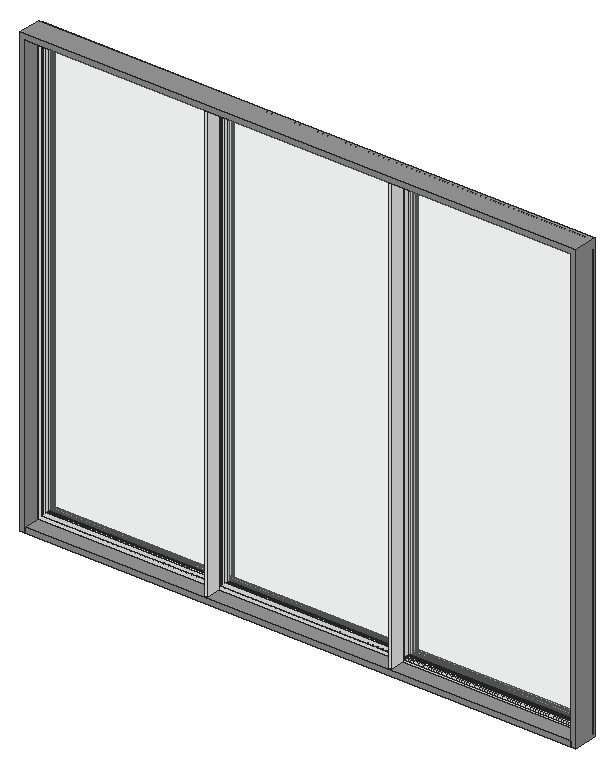
Revit family "WBW_F_3vak Hor_1vak Ver", category Windows, host Wall, Revit 2013
Parameters
  Versterking Buitenzijde = no
  Versterking Binnenzijde = yes
  VerborgenVleugelVerzwaard = no
  URL = "http://www.kawneer.com/bcs/architectuursystemen/en/about/locations.asp"
  Type Comments = "Vrij te parameteriseren Revit Model"  # constant formula
  Spouwdiepte = 130 mm
  Speling Pui_buitenblad MW Onderzijde = 10 mm
  Speling Pui_ buitenblad MW = 10 mm
  ScheduleType |RF| = "WBC_W_F"
  RT 72 = no
  RT 62 = yes
  RT 52 = no
  Operation = "IfcWindow"
  OffsetVkKozijnVkStelkozijn = 13 mm
  Nen 5096 R.c. 2 = no
  NL-SfB-Code = "31.21.22"  # constant formula
  Model = "NLSfb naam  + AlcoaArchitectuurSystemen kozijn merk"
  Manufacturer Tel. = "+31341-464631 / harold.kok@arconic.com"  # constant formula
  Manufacturer = ""
  Kleur H&S = NVT
  Kleur Buitenzijde Vleugel = Kawneer RAL 9010
  Kleur Buitenzijde = Kawneer RAL 9010
  Kleur Binnenzijde Vleugel = Kawneer RAL 9010
  Kleur Binnenzijde = Kawneer RAL 9010
  Keynote = "30.34"
  Hoogte Tussen regel 5 = 0 mm
  Hoogte Tussen regel 4 = 0 mm
  Hoogte Tussen regel 3 = 0 mm
  Hoogte Tussen regel 2 = 0 mm
  Hoogte Tussen regel 1 = 0 mm
  Height = 2406 mm
  HalveSpouw_OffsetVkKozijn_Stelkozijn = HalveSpouw + OffsetVkKozijnVkStelkozijn  # 78 mm
  HalveSpouw = Spouwdiepte / 2  # 65 mm
  GlassType = Glass, Clear Glazing, Low E
  Glasdikte (totaal) = 29 mm  # constant formula
  DikteStelkozijn_SpelingPui_BuitenbladMW = Dikte Stelkozijn - Speling Pui_ buitenblad MW  # 17 mm
  DikteStelkozijnOnderzijde_SpelingPui_BuitenbladMWOnderzijde = Dikte Stelkozijn onderzijde - Speling Pui_buitenblad MW Onderzijde  # 17 mm
  Dikte Stelkozijn onderzijde = 27 mm
  Dikte Stelkozijn = 27 mm
  Diepte Versterking Buitenzijde_30_50_85 = 30 mm
  Diepte Versterking Binnenzijde_30_55_75 = 75 mm
  Description 2 = if(RT 52, "' Standaard systeemomschrijving RT 52 standaard vlak", if(RT 62, "Standaard systeemomschrijving RT 62 standaard vlak", "Standaard systeemomschrijving RT 72 standaard vlak"))  # "Standaard systeemomschrijving RT 62 standaard vlak"
  Description = if(RT 52, "Kawneer RT 52 raamelement volgens productomschrijving:", if(RT 62, "Kawneer RT 62 raamelement volgens productomschrijving:", "Kawneer RT 72 raamelement volgens productomschrijving:"))  # "Kawneer RT 62 raamelement volgens productomschrijving:"
  Default Sill Height = 450 mm
  Wall Closure = By host
  Width = 3000 mm
  Cost = 0
  BreedteMaat_5 = 0 mm
  BreedteMaat_4 = 0 mm
  BreedteMaat_3 = 0 mm
  BreedteMaat_2 = Width * (2 / 3)  # 2000 mm
  BreedteMaat_1 = Width * (1 / 3)  # 1000 mm
  Brandwerendheid_old = no
  Brandwerendheid = no
  Brandwerend volgens: = if(and(RT 52, Brandwerendheid), "Niet mogelijk binnen dit systeem_kiest u RT 62 of RT 72", if(and(RT 62, Brandwerendheid), "Nen 6069 criteria Ew30 mits uitgevoerd conform rapport 2010-Efectis-R0226[Rev.4] Brandbeoordeling EW 30", if(and(RT 72, Brandwerendheid), "Nen 6069 criteria Ew30 mits uitgevoerd concorm rapport g2013005803r001DGMR RT72 brandbeoordeling EW30", "-")))  # "-"
  Beslag Resume 05 = if(Nen 5096 R.c. 2, "Inbraakwerend volgens attest Kawneer SKG.0055.0292.07.NL (klasse 2)", "Niet inbraakwerend")  # "Niet inbraakwerend"
  Beslag Resume 04 = "Vaste beglazing"  # constant formula
  Assembly Code = "B2020110"
  Analytic Construction = "<None>"
  Aanzichtbreedte Tussen Stijlen _68_78_88_110_150_200mm = 78
  Aanzichtbreedte Tussen Regels _68_78_88_110_150_200mm = 200
  Aanzichtbreedte Kozijn Profielen_68_78_88_110_150mm = 68
  AanzichtLijnDraai = no
  Aanzicht Tussen Stijl 88mm = (Aanzichtbreedte Tussen Stijlen _68_78_88_110_150_200mm = 88)  # no
  Aanzicht Tussen Stijl 78mm = (Aanzichtbreedte Tussen Stijlen _68_78_88_110_150_200mm = 78)  # yes
  Aanzicht Tussen Stijl 68mm = (Aanzichtbreedte Tussen Stijlen _68_78_88_110_150_200mm = 68)  # no
  Aanzicht Tussen Stijl 200mm = (Aanzichtbreedte Tussen Stijlen _68_78_88_110_150_200mm = 200)  # no
  Aanzicht Tussen Stijl 150mm = (Aanzichtbreedte Tussen Stijlen _68_78_88_110_150_200mm = 150)  # no
  Aanzicht Tussen Stijl 110mm = (Aanzichtbreedte Tussen Stijlen _68_78_88_110_150_200mm = 110)  # no
  Aanzicht Tussen Stijl = ""
  Aanzicht Tussen Regel 88mm = (Aanzichtbreedte Tussen Regels _68_78_88_110_150_200mm = 88)  # no
  Aanzicht Tussen Regel 78mm = (Aanzichtbreedte Tussen Regels _68_78_88_110_150_200mm = 78)  # no
  Aanzicht Tussen Regel 68mm = (Aanzichtbreedte Tussen Regels _68_78_88_110_150_200mm = 68)  # no
  Aanzicht Tussen Regel 200mm = (Aanzichtbreedte Tussen Regels _68_78_88_110_150_200mm = 200)  # yes
  Aanzicht Tussen Regel 150mm = (Aanzichtbreedte Tussen Regels _68_78_88_110_150_200mm = 150)  # no
  Aanzicht Tussen Regel 110mm = (Aanzichtbreedte Tussen Regels _68_78_88_110_150_200mm = 110)  # no
  Aanzicht Tussen Regel = ""
  Aanzicht Kader 88mm = (Aanzichtbreedte Kozijn Profielen_68_78_88_110_150mm = 88)  # no
  Aanzicht Kader 78mm = (Aanzichtbreedte Kozijn Profielen_68_78_88_110_150mm = 78)  # no
  Aanzicht Kader 68mm = (Aanzichtbreedte Kozijn Profielen_68_78_88_110_150mm = 68)  # yes
  Aanzicht Kader 110mm = (Aanzichtbreedte Kozijn Profielen_68_78_88_110_150mm = 110)  # no
  Aanzicht Kader = ""
Reference planes
  plane 1 "Center (Front/Back)": y = 0
  plane 2 "Center (Left/Right)": x = 0
  plane 3 "Left": x = -1500
  plane 4 "Right": x = 1500
  plane 5 "Sill": z = 450
  plane 6 "Head": z = 2856
  plane 7 "Exterior": y = 100
  plane 8 "Interior": y = -100
  plane 9 "Dagkant Buitenblad metselwerk Links": x = -1510
  plane 10 "Dagkant Buitenblad metselwerk Rechts": x = 1510
  plane 11 "Dagkant Stelkozijn_Binnenblad metselwewrk Links": x = -1483
  plane 12 "Dagkant Stelkozijn_Binnenblad metselwewrk Rechts": x = 1483
  plane 13 "VK Pui": y = 78
  plane 14 "AK Buitenblad MW": y = 90
  plane 15 "VK Stelkozijn": y = 65
  plane 16 "AK Pui": y = -40
  plane 17 "VK Binnenblad MW": y = -65
  plane 18: z = 2866
  plane 19: z = 2839
  plane 20: z = 467
  plane 21: z = 440
Forms (mm)
  Sweep 1, void
    path origin (0, 100, 0) x (1, 0, 0) y (0, 0, 1)
      loop
        line (1500, 2856) -> (-1500, 2856) -> (-1500, 450) -> (1500, 450) -> (1500, 2856)
    profile origin (0, 100, 2856) x (0, 0, -1) y (0, -1, 0)
      loop
        line (-10, 0) -> (17, 0) -> (17, 165) -> (-10, 165) -> (-10, 0)
  Extrusion 2, void
    sketch origin (0, 100, 0) x (1, 0, 0) y (0, 0, 1)
      loop
        line (1483, 2839) -> (-1483, 2839) -> (-1483, 467) -> (1483, 467) -> (1483, 2839)
    from 0 to 200
  Sweep 3, solid, material "Wood"
    path origin (0, 0, 0) x (1, 0, 0) y (0, 0, 1)
      loop
        line (1499.822, 440) -> (1499.822, 2856) -> (-1500, 2856) -> (-1500, 440)
    profile origin (-0.089, 0, 2856) x (0, 0, -1) y (0, -1, 0)
      loop
        line (-10, -65) -> (17, -65) -> (17, 65) -> (-10, 65) -> (-10, -65)
  Sweep 4, solid, material "Wood"
    path origin (0, 0, 0) x (1, 0, 0) y (0, 0, 1)
      loop
        line (1482.822, 450) -> (-1483, 450)
    profile origin (-0.089, 0, 450) x (0, 0, -1) y (0, -1, 0)
      loop
        line (-17, -65) -> (10, -65) -> (10, 65) -> (-17, 65) -> (-17, -65)
Text (mm)
  text "EXTERIOR" at (-1963.203, 1332.353, 0), in view "Ref. Level"
  text "INTERIOR" at (-1981.466, -818.386, 0), in view "Ref. Level"
  text "Exterior" at (0, 923.751, 2943.296), in view "Right"
  text "Exterior" at (0, 1040.484, 2685.409), in view "Left"
Dimensions and locks
  equal spacing: plane 3 "Left", plane 2 "Center (Left/Right)", plane 4 "Right"
  "Width": plane 3 "Left" to plane 4 "Right"
  "Height": plane 5 "Sill" to plane 6 "Head"
  "Default Sill Height": plane 5 "Sill" to level
  locked: plane 7 "Exterior" to host wall at 0
  locked: plane 8 "Interior" to host wall
  "Speling Pui_ buitenblad MW": plane 9 "Dagkant Buitenblad metselwerk Links" to plane 3 "Left"
  "Speling Pui_ buitenblad MW": plane 4 "Right" to plane 10 "Dagkant Buitenblad metselwerk Rechts"
  "DikteStelkozijn_SpelingPui_BuitenbladMW": plane 3 "Left" to plane 11 "Dagkant Stelkozijn_Binnenblad metselwewrk Links"
  "DikteStelkozijn_SpelingPui_BuitenbladMW": plane 12 "Dagkant Stelkozijn_Binnenblad metselwewrk Rechts" to plane 4 "Right"
  "Speling Pui_ buitenblad MW": plane 6 "Head" to plane 18
  "Speling Pui_buitenblad MW Onderzijde": plane 5 "Sill" to plane 21
  "DikteStelkozijn_SpelingPui_BuitenbladMW": plane 19 to plane 6 "Head"
  "DikteStelkozijnOnderzijde_SpelingPui_BuitenbladMWOnderzijde": plane 5 "Sill" to plane 20
  "HalveSpouw": plane 15 "VK Stelkozijn" to plane 1 "Center (Front/Back)"
  "HalveSpouw": plane 1 "Center (Front/Back)" to plane 17 "VK Binnenblad MW"
  "HalveSpouw_OffsetVkKozijn_Stelkozijn": plane 13 "VK Pui" to plane 1 "Center (Front/Back)"
  aligned and locked: Sweep 1 sketch curve to plane 6 "Head"
  aligned and locked: Sweep 1 sketch curve to plane 4 "Right"
  aligned and locked: plane 5 "Sill" to Sweep 1 sketch curve
  aligned and locked: plane 3 "Left" to Sweep 1 sketch curve
  aligned and locked: Sweep 1 sketch curve to plane 18
  aligned and locked: plane 19 to Sweep 1 sketch curve
  aligned and locked: plane 17 "VK Binnenblad MW" to Sweep 1 sketch curve
  aligned and locked: Extrusion 2 sketch curve to Sweep 1  (x4)
  aligned and locked: host wall to Extrusion 2
  aligned and locked: Sweep 3 sketch curve to plane 6 "Head"
  aligned and locked: Sweep 3 sketch curve to plane 18
  aligned and locked: Sweep 3 sketch curve to plane 15 "VK Stelkozijn"
  aligned and locked: plane 19 to Sweep 3 sketch curve
  aligned and locked: plane 17 "VK Binnenblad MW" to Sweep 3 sketch curve
  aligned and locked: plane 21 to Sweep 3 sketch curve
  aligned and locked: plane 3 "Left" to Sweep 3 sketch curve
  aligned and locked: Sweep 4 sketch curve to plane 20
  aligned and locked: Sweep 4 sketch curve to plane 15 "VK Stelkozijn"
  aligned and locked: Sweep 4 sketch curve to Sweep 3  (x2)
  aligned and locked: nested 1 to plane 13 "VK Pui"
  aligned and locked: plane 6 "Head" to nested 1
  aligned and locked: plane 4 "Right" to nested 1
Automatic sketch dimensions
  Sweep 1 sketch curve to plane 7 "Exterior" = 0 mm
  Sweep 3 sketch curve to plane 21 = 0 mm
  plane 4 "Right" to Sweep 3 sketch curve = 0.178 mm
  Sweep 4 sketch curve to plane 5 "Sill" = 0 mm
  plane 11 "Dagkant Stelkozijn_Binnenblad metselwewrk Links" to Sweep 4 sketch curve = 0 mm
  plane 12 "Dagkant Stelkozijn_Binnenblad metselwewrk Rechts" to Sweep 4 sketch curve = 0.178 mm
Nested families
  nested 1: "GMW_F_3vak Hor_1vak Ver" at (0, 78, 1653), type "GMW_F_3vak Hor_1vak Ver"
    with HLPM 2145 mm
Definition of nested family "GMW_F_3vak Hor_1vak Ver"
  Parameters (values of type "GMW_F_3vak Hor_1vak Ver")
    Width = 3000 mm
    Versterking Buitenzijde = no
    Versterking Binnenzijde = yes
    VerborgenWaterAfvoer = no
    SysteemDiepteVleugel = SysteemDiepte + 7.8 mm  # 70 mm
    SysteemDiepte = if(RT 52, 52.2 mm, if(RT 62, 62.2 mm, 72.2 mm))  # 62.2 mm
    SweepOffset = (BodyHeight + 44 mm) / 2  # 34 mm
    ScharnierenAan_Uit = yes
    RT 72 = no
    RT 62 = yes
    RT 52 = no
    P3vleugel = SysteemDiepteVleugel - 32 mm  # 38 mm
    P3 = SysteemDiepte - 20.7 mm  # 41.5 mm
    Kleur H&S = NVT
    Kleur Buitenzijde Vleugel = Kawneer RAL 9010
    Kleur Buitenzijde = Kawneer RAL 9010
    Kleur Binnenzijde Vleugel = Kawneer RAL 9010
    Kleur Binnenzijde = Kawneer RAL 9010
    IsoPositionerVent = if(Aanzicht Vleugel 35mm, 42.7 mm, if(Aanzicht Vleugel 45mm, 52.7 mm, 73.7 mm))  # 52.7 mm
    IsoPositionerTProfile = if(Aanzicht Kader 68mm, 41 mm, if(Aanzicht Kader 78mm, 51 mm, if(Aanzicht Kader 88mm, 61 mm, 83 mm)))  # 41 mm
    Hoogte tussen regel = 645 mm
    Hoogte Tussen regel 5 = 0 mm
    Hoogte Tussen regel 4 = 0 mm
    Hoogte Tussen regel 3 = 0 mm
    Hoogte Tussen regel 2 = 0 mm
    Hoogte Tussen regel 1 = 0 mm
    Height = 2406 mm
    Handgreep SI_line = no
    Handgreep A_line = no
    HLPM [instance] = 2145 mm
    Glassponning 2 = BodyHeight / 2  # 12 mm
    Glassponning 1 = BodyHeight / 2  # 12 mm
    GlassType = Glass, Clear Glazing, Low E
    Glasdikte (totaal) = 29 mm
    Diepte Versterking Buitenzijde_30_50_85 = 30 mm
    Diepte Versterking Binnenzijde_30_55_75 = 75 mm
    BreedteMaat_5 = 0 mm
    BreedteMaat_4 = 0 mm
    BreedteMaat_3 = 0 mm
    BreedteMaat_2 = 2000 mm
    BreedteMaat_1 = 1000 mm
    BodyHeightVent = if(Aanzicht Vleugel 35mm, 15.7 mm, if(Aanzicht Vleugel 45mm, 25.7 mm, 46.7 mm))  # 25.7 mm
    BodyHeight = if(Aanzicht Kader 68mm, 24 mm, if(Aanzicht Kader 78mm, 34 mm, if(Aanzicht Kader 88mm, 44 mm, 66 mm)))  # 24 mm
    Beslag Nen 5096 R.c. 3 = no
    Beslag Nen 5096 R.c. 2 = no
    AanzichtlLijnVal = no
    AanzichtLijnDraai = no
    Aanzicht Vleugel 66mm = no
    Aanzicht Vleugel 45mm = yes
    Aanzicht Vleugel 35mm = no
    Aanzicht Vleugel = ""
    Aanzicht Tussen Stijl 88mm = no
    Aanzicht Tussen Stijl 78mm = yes
    Aanzicht Tussen Stijl 68mm = no
    Aanzicht Tussen Stijl 200mm = no
    Aanzicht Tussen Stijl 150mm = no
    Aanzicht Tussen Stijl 110mm = no
    Aanzicht Tussen Stijl = ""
    Aanzicht Tussen Regel 88mm = no
    Aanzicht Tussen Regel 78mm = no
    Aanzicht Tussen Regel 68mm = no
    Aanzicht Tussen Regel 200mm = yes
    Aanzicht Tussen Regel 150mm = no
    Aanzicht Tussen Regel 110mm = no
    Aanzicht Tussen Regel = ""
    Aanzicht Kader 88mm = no
    Aanzicht Kader 78mm = no
    Aanzicht Kader 68mm = yes
    Aanzicht Kader 110mm = no
    Aanzicht Kader = ""
  Reference planes
    plane 1 "Center (Front/Back)": y = 0
    plane 2: z = 0
    plane 3 "Center (Left/Right)": x = 0
    plane 4 "LP Top": z = 1203
    plane 5 "LP Left": x = -1500
    plane 6 "LP Right": x = 1500
    plane 7: y = 7.6
    plane 8: y = 36.6
    plane 9: y = 62.2
    plane 10: z = 0
    plane 11 "LP Bottom": z = -1203
    plane 12 "Deler#1": x = -500
    plane 13: x = -500
    plane 14: x = 500
  Dimensions and locks
    plane 1 "Center (Front/Back)" to plane 7 = 7.6 mm
    plane 7 to plane 8 = 29 mm
    "SysteemDiepte": plane 1 "Center (Front/Back)" to plane 9
    "Height": plane 4 "LP Top" to plane 11 "LP Bottom"
    "Width": plane 5 "LP Left" to plane 6 "LP Right"
    equal spacing: plane 4 "LP Top", level, plane 11 "LP Bottom"
    equal spacing: plane 5 "LP Left", plane 3 "Center (Left/Right)", plane 6 "LP Right"
    "BreedteMaat_1": plane 5 "LP Left" to plane 13
    "BreedteMaat_2": plane 5 "LP Left" to plane 14
    aligned and locked: level to plane 2
    aligned and locked: plane 4 "LP Top" to nested 1
    aligned and locked: plane 11 "LP Bottom" to nested 1
    aligned and locked: plane 5 "LP Left" to nested 1
    aligned and locked: plane 6 "LP Right" to nested 1
    aligned and locked: nested 1 to nested 2  (x2)
    aligned and locked: nested 2 to plane 13
    aligned and locked: nested 4 to plane 1 "Center (Front/Back)"
    aligned and locked: nested 2 to nested 4
    aligned and locked: nested 3 to nested 2
    aligned and locked: nested 1 to nested 3  (x2)
    aligned and locked: nested 1 to nested 4  (x2)
    aligned and locked: nested 4 to nested 1
    aligned and locked: nested 5 to plane 14
    aligned and locked: plane 14 to nested 3
    aligned and locked: nested 1 to nested 5  (x2)
    aligned and locked: plane 14 to nested 6
    aligned and locked: nested 1 to nested 6  (x3)
  Nested families
    nested 1: "KADER" at (0, 0, -1203), type "KADER"
      with HLPM 2406 mm, BLMP 3000 mm, SysteemDiepte 62.2 mm, RT 72 no, RT 62 yes, P3 41.5 mm
    nested 2: "RT 72V T profiel REINF" at (-500, 0, 0), type "T"
      with FPL 2314 mm
    nested 3: "Glasvast" at (8.5, 0, -4.63), type "Glasvast"
      with Grip#2 983 mm, Grip#1 2326 mm
    nested 4: "Glasvast" at (-985.5, 0, -4.63), type "Glasvast"
      with Grip#2 937 mm, Grip#1 2326 mm
    nested 5: "RT 72V T profiel REINF" at (500, 0, 0), type "T"
      with FPL 2314 mm
    nested 6: "Glasvast" at (977, 0, -10.63), type "Glasvast"
      with Grip#2 954 mm, Grip#1 2338 mm, GlasHoogte 1386 mm, GlasBreedte 1186 mm
  Definition of nested family "KADER"
    Parameters (values of type "KADER")
      VerborgenWaterAfvoer = yes
      SysteemDiepte = 72.2 mm
      SweepOffset = 34 mm
      RT 72 = yes
      RT 62 = no
      RT 52 = no
      P3 = 51.5 mm
      Kleur Buitenzijde = ALCOA RAL 3000
      Kleur Binnenzijde = ALCOA RAL 9010
      IsoPositionerTProfile = 41 mm
      HLPM [instance] = 1800 mm
      Glassponning 2 = 12 mm
      Glassponning 1 = 12 mm
      BodyHeight = 24 mm
      BLMP [instance] = 1200 mm
      Aanzicht Kader 88mm = no
      Aanzicht Kader 78mm = no
      Aanzicht Kader 68mm = yes
      Aanzicht Kader 110mm = no
    Reference planes
      plane 1 "Center (Front/Back)": y = 0
      plane 2: z = 0
      plane 3 "Center (Left/Right)": x = 0
      plane 4 "LP Top": z = 1800
      plane 5: z = 1778
      plane 6: z = 1754
      plane 7: z = 22
      plane 8: z = 46
      plane 9: x = -566
      plane 10: x = -578
      plane 11 "LP Left": x = -600
      plane 12: x = 554
      plane 13: x = 578
      plane 14 "LP Right": x = 600
      plane 15: x = -554
      plane 16: z = 34
      plane 17: z = 1766
      plane 18: x = 566
      plane 19: z = 0
      plane 20 "BinnenzijdeKozijn": y = 72.2
    Forms (mm)
      Sweep 1, solid, material "ALCOA RAL 3000" <- "Kleur Buitenzijde"
        path origin (0, 0, 0) x (1, 0, 0) y (0, 0, 1)
          loop
            line (566, 34) -> (566, 1766) -> (-566, 1766) -> (-566, 34) -> (566, 34)
        profile "T VWA buitenschaal : RT NL" origin (0, 0, 34) x (0, 0, -1) y (0, -1, 0)
          loop
            line (34, 0) -> (-34, 0) -> (-34, -4) -> (-31.5, -4) -> (-31.5, -3) -> (-32.8, -3) -> (-32.8, -1.4) -> (-27.2, -1.4) -> (-27.2, -3) -> (-28.5, -3) -> (-28.5, -4) -> (-24.5, -4) -> (-24.5, -3.2) -> (-26, -3.2) -> (-26, -1.6) -> (-23, -1.6) -> (-7, -1.806) -> (-7, -16.3) -> (-10.5, -16.3) -> (-10.5, -14.7) -> (-11.5, -14.7) -> (-11.5, -19.2) -> (-10.5, -19.2) -> (-10.5, -17.8) -> (-7, -17.8) -> (-7, -21.9) -> (-5.1, -20.7) -> (5.1, -20.7) -> (7, -21.9) -> (7, -17.8) -> (10.5, -17.8) -> (10.5, -19.2) -> (11.5, -19.2) -> (11.5, -14.7) -> (10.5, -14.7) -> (10.5, -16.3) -> (7, -16.3) -> (7, -10.2) -> (28.563, -10.2) -> (28.563, -9.2) -> (27.263, -9.2) -> (27.263, -7.6) -> (32.863, -7.6) -> (32.863, -9.2) -> (31.563, -9.2) -> (31.563, -10.2) -> (34, -10.2) -> (34, 0)
      Sweep 2, solid
        path origin (0, 0, 0) x (1, 0, 0) y (0, 0, 1)
          loop
            line (566, 34) -> (566, 1766) -> (-566, 1766) -> (-566, 34) -> (566, 34)
        profile "T-profiel Iso : RT NL" origin (0, 0, 34) x (0, 0, -1) y (0, -1, 0)
          loop
            line (4.886, -50.521) -> (6.95, -49.33) -> (6.95, -27.2) -> (11.45, -27.2) -> (11.45, -24.6) -> (10.45, -24.6) -> (10.45, -26) -> (6.95, -26) -> (6.95, -22.836) -> (4.886, -21.644) -> (4.886, -20.7) -> (-4.886, -20.7) -> (-4.886, -21.644) -> (-6.95, -22.836) -> (-6.95, -26) -> (-10.45, -26) -> (-10.45, -24.6) -> (-11.45, -24.6) -> (-11.45, -27.2) -> (-6.95, -27.2) -> (-6.95, -49.33) -> (-4.886, -50.521) -> (-4.886, -51.5) -> (4.886, -51.5) -> (4.886, -50.521)
      Sweep 3, solid, material "ALCOA RAL 9010" <- "Kleur Binnenzijde"
        path origin (0, 0, 0) x (1, 0, 0) y (0, 0, 1)
          loop
            line (566, 34) -> (566, 1766) -> (-566, 1766) -> (-566, 34) -> (566, 34)
        profile "T binnenschaal : RT NL" origin (0, 0, 34) x (0, 0, -1) y (0, -1, 0)
          loop
            line (12.003, -72.2) -> (12.003, -68) -> (10.503, -68) -> (10.503, -70.4) -> (7, -70.4) -> (7, -55.7) -> (10.503, -55.7) -> (10.503, -57.78) -> (11.803, -57.78) -> (11.803, -52.4) -> (10.503, -52.4) -> (10.503, -54) -> (7, -54) -> (7, -50.3) -> (5.1, -51.5) -> (-5.1, -51.5) -> (-7.062, -50.279) -> (-7.062, -54) -> (-10.497, -54) -> (-10.497, -52.4) -> (-11.797, -52.4) -> (-11.797, -57.8) -> (-10.497, -57.8) -> (-10.497, -55.7) -> (-7, -55.7) -> (-7, -70.4) -> (-10.497, -70.4) -> (-10.497, -68) -> (-11.997, -68) -> (-11.997, -72.2) -> (12.003, -72.2)
      Sweep 4, solid
        path origin (0, 0, 0) x (1, 0, 0) y (0, 0, 1)
          loop
            line (-600, 0) -> (600, 0) -> (600, 1800) -> (-600, 1800) -> (-600, 0)
        profile origin (-600, 0, 900) x (-1, 0, 0) y (0, -1, 0)
          loop
            line (-0.372, -10.397) -> (-2.491, -10.397) -> (-2.491, -9.06) -> (-1.662, -9.06) -> (-1.662, -7.996) -> (-6.3, -7.996) -> (-6.3, -9.06) -> (-5.389, -9.06) -> (-5.389, -10.397) -> (-8.271, -10.397) -> (-8.271, -12.283) -> (-6.728, -13.197) -> (-0.922, -13.197) -> (0.092, -12.184) -> (0.092, -11.075) -> (-0.372, -10.397)
    Lines and regions (mm)
      model lines
        curve 1: line (532, 0, 68) -> (600.092, 0, -0.092)
        curve 2: line (-532, 0, 68) -> (-600.092, 0, -0.092)
        curve 3: line (-600.092, 0, 1800.092) -> (-532, 0, 1732)
        curve 4: line (600, 0, 1800) -> (532, 0, 1732)
        curve 5: line (554.003, 72.2, 45.997) -> (578.003, 72.2, 21.997)
        curve 6: line (-554.003, 72.2, 45.997) -> (-578.003, 72.2, 21.997)
        curve 7: line (-554.003, 72.2, 1754.003) -> (-578.003, 72.2, 1778.003)
        curve 8: line (554.003, 72.2, 1754.003) -> (578.003, 72.2, 1778.003)
    Dimensions and locks
      equal spacing: plane 11 "LP Left", plane 3 "Center (Left/Right)", plane 14 "LP Right"
      "BLMP": plane 11 "LP Left" to plane 14 "LP Right"
      "SweepOffset": plane 4 "LP Top" to plane 17
      "SweepOffset": plane 16 to level
      "SweepOffset": plane 18 to plane 14 "LP Right"
      "SweepOffset": plane 11 "LP Left" to plane 9
      "Glassponning 1": plane 9 to plane 10
      "Glassponning 2": plane 15 to plane 9
      "Glassponning 1": plane 16 to plane 7
      "Glassponning 2": plane 8 to plane 16
      "Glassponning 2": plane 18 to plane 12
      "Glassponning 1": plane 13 to plane 18
      "Glassponning 1": plane 5 to plane 17
      "Glassponning 2": plane 17 to plane 6
      "HLPM": plane 4 "LP Top" to plane 19
      "SysteemDiepte": plane 1 "Center (Front/Back)" to plane 20 "BinnenzijdeKozijn"
      aligned and locked: level to plane 2
      aligned and locked: nested 2 to plane 1 "Center (Front/Back)"
      aligned and locked: plane 1 "Center (Front/Back)" to nested 1
      aligned and locked: nested 1 to plane 11 "LP Left"
      aligned and locked: nested 3 to plane 1 "Center (Front/Back)"
      aligned and locked: nested 3 to level
      aligned and locked: plane 1 "Center (Front/Back)" to nested 4
      aligned and locked: nested 4 to plane 4 "LP Top"
      aligned and locked: level to plane 19
      aligned and locked: curve 5 to Sweep 3
      aligned and locked: Sweep 3 to curve 5
      aligned and locked: Sweep 3 to curve 8
      aligned and locked: nested 2 to plane 14 "LP Right"
    Automatic sketch dimensions
      Sweep 1 sketch curve to plane 9 = 0 mm
      Sweep 1 sketch curve to plane 16 = 0 mm
      Sweep 1 sketch curve to plane 18 = 0 mm
      Sweep 1 sketch curve to plane 17 = 0 mm
      Sweep 2 sketch curve to plane 9 = 0 mm
      Sweep 2 sketch curve to plane 16 = 0 mm
      Sweep 2 sketch curve to plane 18 = 0 mm
      Sweep 2 sketch curve to plane 17 = 0 mm
      Sweep 3 sketch curve to plane 9 = 0 mm
      Sweep 3 sketch curve to plane 17 = 0 mm
      Sweep 3 sketch curve to plane 18 = 0 mm
      Sweep 3 sketch curve to plane 16 = 0 mm
      Sweep 4 sketch curve to plane 4 "LP Top" = 0 mm
      plane 14 "LP Right" to Sweep 4 sketch curve = 0 mm
      plane 11 "LP Left" to Sweep 4 sketch curve = 0 mm
      Sweep 4 sketch curve to level = 0 mm
      profile plane to Sweep 4 sketch curve = 8.271 mm
      Sweep 4 sketch curve to plane 1 "Center (Front/Back)" = 13.197 mm
      Sweep 4 sketch curve to Sweep 4 sketch curve = 1.543 mm
      Sweep 4 sketch curve to Sweep 4 sketch curve = 1.971 mm
      Sweep 4 sketch curve to Sweep 4 sketch curve = 0.91 mm
      profile plane to Sweep 4 sketch curve = 2.491 mm
      Sweep 4 sketch curve to Sweep 4 sketch curve = 0.829 mm
      profile plane to Sweep 4 sketch curve = 0.922 mm
      Sweep 4 sketch curve to profile plane = 0.092 mm
      profile plane to Sweep 4 sketch curve = 0.372 mm
      Sweep 4 sketch curve to Sweep 4 sketch curve = 0.914 mm
      Sweep 4 sketch curve to Sweep 4 sketch curve = 1.013 mm
      Sweep 4 sketch curve to Sweep 4 sketch curve = 1.886 mm
      Sweep 4 sketch curve to Sweep 4 sketch curve = 0 mm
      Sweep 4 sketch curve to Sweep 4 sketch curve = 1.338 mm  (x2)
      Sweep 4 sketch curve to Sweep 4 sketch curve = 1.063 mm
      Sweep 4 sketch curve to Sweep 4 sketch curve = 0.677 mm
      curve 4 to plane 4 "LP Top" = 0 mm
      curve 4 to plane 14 "LP Right" = 0 mm
      plane 12 to curve 1 = 22 mm
      plane 12 to curve 4 = 22 mm
      curve 3 to plane 15 = 22 mm
      curve 2 to plane 15 = 22 mm
      plane 11 "LP Left" to curve 2 = 0.092 mm
      plane 11 "LP Left" to curve 3 = 0.092 mm
      curve 1 to plane 14 "LP Right" = 0.092 mm
      curve 4 to plane 6 = 22 mm
      curve 3 to plane 6 = 22 mm
      plane 8 to curve 1 = 22 mm
      plane 8 to curve 2 = 22 mm
      curve 2 to level = 0.092 mm
      curve 1 to level = 0.092 mm
      plane 4 "LP Top" to curve 3 = 0.092 mm
      plane 5 to curve 8 = 0.003 mm
      plane 5 to curve 7 = 0.003 mm
      plane 6 to curve 8 = 0.003 mm
      plane 6 to curve 7 = 0.003 mm
      curve 6 to plane 8 = 0.003 mm
      curve 5 to plane 8 = 0.003 mm
      curve 6 to plane 7 = 0.003 mm
      curve 5 to plane 7 = 0.003 mm
      curve 8 to plane 12 = 0.003 mm
      plane 15 to curve 7 = 0.003 mm
      plane 15 to curve 6 = 0.003 mm
      curve 7 to plane 10 = 0.003 mm
      curve 6 to plane 10 = 0.003 mm
    Nested families
      nested 1: "T VWA" at (-600, 0, 0), type "T VWA"
        with IsoPositionerTProfile 41 mm, Aanzicht 68mm yes, Aanzicht 110mm no
      nested 2: "T VWA" at (600, 0, 0) x (-1, 0, 0) z (0, 0, 1), type "T VWA"
        with IsoPositionerTProfile 41 mm, Aanzicht 68mm yes, Aanzicht 110mm no
      nested 3: "T VWA" at (0, 0, 0) x (0, 0, 1) z (1, 0, 0), type "T VWA"
        with IsoPositionerTProfile 41 mm, Aanzicht 68mm yes, Aanzicht 110mm no
      nested 4: "T VWA" at (0, 0, 1800) x (0, 0, -1) z (1, 0, 0), type "T VWA"
        with IsoPositionerTProfile 41 mm, Aanzicht 68mm yes, Aanzicht 110mm no
    Definition of nested family "T VWA"
      Parameters (values of type "test T")
        SysteemDiepte = 72.2 mm
        RT 72 = yes
        RT 62 = no
        RT 52 = no
        IsoPositionerTProfile = if(Aanzicht 68mm, 41 mm, if(Aanzicht 78mm, 51 mm, if(Aanzicht 88mm, 61 mm, 83 mm)))  # 83 mm
        Aanzicht 88mm = no
        Aanzicht 78mm = no
        Aanzicht 68mm = no
        Aanzicht 110mm = yes
      Reference planes
        plane 1 "Center (Front/Back)": y = 0
        plane 2: z = 0
        plane 3 "Center (Left/Right)": x = 0
        plane 4: x = 33.893
        plane 5: x = 83
        plane 6: y = 28.95
        plane 7: y = 41.565
        plane 8: y = 72.2
      Lines and regions (mm)
        model lines, style "Medium Lines", in view "Ref. Level", detail levels medium
          curve 1: line (0, 0, 0) -> (115.4, 0, 0)
          curve 2: line (27.05, 49.442, 0) -> (27.05, 22.903, 0)
      Dimensions and locks
        "SysteemDiepte": plane 8 to plane 1 "Center (Front/Back)"
        "IsoPositionerTProfile": plane 3 "Center (Left/Right)" to plane 5
        aligned and locked: import instance to plane 8  (x2)
        aligned and locked: plane 8 to import instance  (x2)
        aligned and locked: plane 5 to import instance  (x2)
        aligned and locked: import instance to plane 5
        aligned and locked: curve 2 to import instance
        aligned and locked: import instance to import instance  (x3)
      Automatic sketch dimensions
        curve 1 to plane 3 "Center (Left/Right)" = 0 mm
        plane 1 "Center (Front/Back)" to curve 1 = 0 mm
        plane 5 to curve 1 = 32.4 mm
        curve 2 to plane 6 = 6.047 mm
        plane 7 to curve 2 = 7.878 mm
  Definition of nested family "RT 72V T profiel REINF"
    Parameters (values of type "T")
      voidref1 = (BodyHeight + 44 mm) / 2  # 39 mm
      Voidpar#1 = BodyHeight + 44 mm  # 78 mm
      Versterking Buitenzijde = no
      Versterking Binnenzijde = yes
      URL = "http://www.kawneer.com/bcs/architectuursystemen/en/about/locations.asp"
      Type Comments = "ALCOA"
      SysteemDiepte = 62.2 mm
      ReinforcementInteriorLength = KaderLink  # 24 mm
      ReinforcementInterior = and(Aanzicht Tussen Stijl 78mm, Versterking Binnenzijde)  # yes
      ReinforcementExteriorLenght = KaderLink + 22 mm  # 46 mm
      ReinforcementExterior = and(Aanzicht Tussen Stijl 78mm, Versterking Buitenzijde)  # no
      RT 72 = no
      RT 62 = yes
      RT 52 = no
      P3 = 41.5 mm
      Kleur buitenschaal = Kawneer RAL 9010
      Kleur binnenschaal = Kawneer RAL 9010
      KaderLink = 24 mm
      Glassponning 2 = BodyHeight / 2  # 17 mm
      Glassponning 1 = BodyHeight / 2  # 17 mm
      FPL [instance] = 2000 mm
      Diepte Versterking Buitenzijde_30_50_85 = 30 mm
      Diepte Versterking Binnenzijde_30_55_75 = 75 mm
      Default Elevation = 1219.2 mm
      BodyHeight = if(Aanzicht Tussen Stijl 68mm, 24 mm, if(Aanzicht Tussen Stijl 78mm, 34 mm, if(Aanzicht Tussen Stijl 88mm, 44 mm, if(Aanzicht Tussen Stijl 110mm, 66 mm, if(Aanzicht Tussen Stijl 150mm, 106 mm, 156 mm)))))  # 34 mm
      Aanzicht Tussen Stijl 88mm = no
      Aanzicht Tussen Stijl 78mm = yes
      Aanzicht Tussen Stijl 68mm = no
      Aanzicht Tussen Stijl 200mm = no
      Aanzicht Tussen Stijl 150mm = no
      Aanzicht Tussen Stijl 110mm = no
    Reference planes
      plane 1 "Center (Front/Back)": y = 0
      plane 2: z = 0
      plane 3 "Center (Left/Right)": x = 0
      plane 4 "Left edge": x = 0
      plane 5 "Right edge": x = 0
      plane 6 "TOP": z = 1000
      plane 7 "Bottom": z = -1000
      plane 8 "Glassponning 1": x = -17
      plane 9 "Glassponning 2": x = 17
      plane 10: z = 1046
      plane 11: z = -1046
      plane 12: z = 1024
      plane 13: z = -1024
    Forms (mm)
      Sweep 1, solid, material "Plastic, Opaque Black"
        path origin (0, 0, -58.778) x (0, 0, 1) y (-1, 0, 0)
          loop
            line (-941.222, 0) -> (1058.778, 0)
        profile "T-profiel Iso : RT NL" origin (0, 0, 0) x (-1, 0, 0) y (0, -1, 0)
          loop
            line (-9.886, -40.521) -> (-9.886, -41.5) -> (9.886, -41.5) -> (9.886, -40.521) -> (11.95, -39.33) -> (11.95, -27.2) -> (16.45, -27.2) -> (16.45, -24.6) -> (15.45, -24.6) -> (15.45, -26) -> (11.95, -26) -> (11.95, -22.836) -> (9.886, -21.644) -> (9.886, -20.7) -> (-9.886, -20.7) -> (-9.886, -21.644) -> (-11.95, -22.836) -> (-11.95, -26) -> (-15.45, -26) -> (-15.45, -24.6) -> (-16.45, -24.6) -> (-16.45, -27.2) -> (-11.95, -27.2) -> (-11.95, -39.33) -> (-9.886, -40.521)
      Sweep 2, solid, material "Kawneer RAL 9010" <- "Kleur buitenschaal"
        path origin (0, 0, -58.778) x (0, 0, 1) y (-1, 0, 0)
          loop
            line (-941.222, 0) -> (1058.778, 0)
        profile "T buitenschaal : RT NL" origin (0, 0, 0) x (-1, 0, 0) y (0, -1, 0)
          loop
            line (-39, 0) -> (-39, -4) -> (-36.5, -4) -> (-36.5, -3) -> (-37.8, -3) -> (-37.8, -1.4) -> (-32.2, -1.4) -> (-32.2, -3) -> (-33.5, -3) -> (-33.5, -4) -> (-29.5, -4) -> (-29.5, -3.2) -> (-31, -3.2) -> (-31, -1.6) -> (-28, -1.6) -> (-12, -1.806) -> (-12, -16.3) -> (-15.5, -16.3) -> (-15.5, -14.7) -> (-16.5, -14.7) -> (-16.5, -19.2) -> (-15.5, -19.2) -> (-15.5, -17.8) -> (-12, -17.8) -> (-12, -21.886) -> (-9.886, -20.666) -> (9.886, -20.666) -> (12, -21.886) -> (12, -17.8) -> (15.5, -17.8) -> (15.5, -19.2) -> (16.5, -19.2) -> (16.5, -14.7) -> (15.5, -14.7) -> (15.5, -16.3) -> (12, -16.3) -> (12, -1.806) -> (28, -1.6) -> (31, -1.6) -> (31, -3.2) -> (29.5, -3.2) -> (29.5, -4) -> (33.5, -4) -> (33.5, -3) -> (32.2, -3) -> (32.2, -1.4) -> (37.8, -1.4) -> (37.8, -3) -> (36.5, -3) -> (36.5, -4) -> (39, -4) -> (39, 0) -> (-39, 0)
      Sweep 3, solid, material "Kawneer RAL 9010" <- "Kleur binnenschaal"
        path origin (0, 0, -58.778) x (0, 0, 1) y (-1, 0, 0)
          loop
            line (-941.222, 0) -> (1058.778, 0)
        profile "T binnenschaal : RT NL" origin (0, 0, 0) x (-1, 0, 0) y (0, -1, 0)
          loop
            line (-17.003, -62.2) -> (16.997, -62.2) -> (16.997, -58) -> (15.497, -58) -> (15.497, -60.4) -> (12, -60.4) -> (12, -45.7) -> (15.497, -45.7) -> (15.497, -47.8) -> (16.797, -47.8) -> (16.797, -42.4) -> (15.497, -42.4) -> (15.497, -44) -> (12.062, -44) -> (12.062, -40.279) -> (10.1, -41.5) -> (-10.1, -41.5) -> (-12, -40.3) -> (-12, -44) -> (-15.503, -44) -> (-15.503, -42.4) -> (-16.803, -42.4) -> (-16.803, -47.78) -> (-15.503, -47.78) -> (-15.503, -45.7) -> (-12, -45.7) -> (-12, -60.4) -> (-15.503, -60.4) -> (-15.503, -58) -> (-17.003, -58) -> (-17.003, -62.2)
      Extrusion 4, void
        sketch origin (0, 0, -13.516) x (0, 0, 1) y (0, 1, 0)
          loop
            line (1013.516, 0) -> (1013.516, 4) -> (991.516, 4) -> (991.516, 0) -> (1013.516, 0)
        from 100 to -100
      Extrusion 5, void
        sketch origin (0, 0, -13.516) x (0, 0, 1) y (0, 1, 0)
          loop
            line (-986.484, 0) -> (-964.484, 0) -> (-964.484, 4) -> (-986.484, 4) -> (-986.484, 0)
        from 100 to -100
      Sweep 6, solid, material "Kawneer RAL 9010" <- "Kleur buitenschaal", visible <- "ReinforcementExterior"
        path origin (0, 0, 0) x (1, 0, 0) y (0, 0, 1)
          loop
            line (0, 1046) -> (0, -1046)
        profile origin (0, 0, 0) x (0, -1, 0) y (1, 0, 0)
          loop
            line (0, -19) -> (30, -19) -> (30, 19) -> (0, 19) -> (0, -19)
      Sweep 7, solid, material "Kawneer RAL 9010" <- "Kleur binnenschaal", visible <- "ReinforcementInterior"
        path origin (0, 0, 0) x (1, 0, 0) y (0, 0, 1)
          loop
            line (0, 1024) -> (0, -1024)
        profile origin (0, 0, 0) x (0, -1, 0) y (1, 0, 0)
          loop
            line (-62.2, -7) -> (-62.2, 7) -> (-137.2, 7) -> (-137.2, -7) -> (-62.2, -7)
    Cuts and joins
      Extrusion 4, Extrusion 5 cuts Sweep 2
    Text (mm)
      text "Left edge" at (-175.589, 0, 1120.566), in view "Front"
      text "Right edge" at (112.009, 0, 1120.566), in view "Front"
    Dimensions and locks
      "FPL": plane 6 "TOP" to plane 7 "Bottom"
      equal spacing: plane 6 "TOP", level, plane 7 "Bottom"
      "Glassponning 1": plane 8 "Glassponning 1" to plane 3 "Center (Left/Right)"
      "Glassponning 2": plane 9 "Glassponning 2" to plane 3 "Center (Left/Right)"
      "ReinforcementExteriorLenght": plane 10 to plane 6 "TOP"
      "ReinforcementExteriorLenght": plane 7 "Bottom" to plane 11
      Sweep 6 sketch curve to Sweep 6 sketch curve = 38 mm
      "Diepte Versterking Buitenzijde_30_50_85": Sweep 6 sketch curve to Sweep 6 sketch curve
      "ReinforcementInteriorLength": plane 7 "Bottom" to plane 13
      "ReinforcementInteriorLength": plane 12 to plane 6 "TOP"
      "Diepte Versterking Binnenzijde_30_55_75": Sweep 7 sketch curve to Sweep 3
      aligned and locked: level to plane 2
      aligned and locked: plane 7 "Bottom" to Sweep 1
      aligned and locked: plane 7 "Bottom" to cut or joined group of Sweep 2, Extrusion 4, Extrusion 5
      aligned and locked: plane 7 "Bottom" to Sweep 3
      aligned and locked: plane 6 "TOP" to Sweep 3 sketch curve
      aligned and locked: Sweep 3 to Sweep 2 sketch curve
      aligned and locked: Sweep 1 sketch curve to cut or joined group of Sweep 2, Extrusion 4, Extrusion 5
      aligned and locked: plane 6 "TOP" to Extrusion 4 sketch curve
      aligned and locked: plane 13 to Sweep 7 sketch curve
      aligned and locked: Sweep 7 sketch curve to plane 3 "Center (Left/Right)"
      aligned and locked: Sweep 7 sketch curve to Sweep 3
      aligned and locked: plane 1 "Center (Front/Back)" to nested 1
      aligned and locked: plane 5 "Right edge" to nested 1
    Automatic sketch dimensions
      Extrusion 5 sketch curve to plane 1 "Center (Front/Back)" = 0 mm
      Extrusion 5 sketch curve to plane 1 "Center (Front/Back)" = 4 mm
      plane 7 "Bottom" to Extrusion 5 sketch curve = 0 mm
      Extrusion 5 sketch curve to Extrusion 5 sketch curve = 22 mm
      plane 3 "Center (Left/Right)" to Sweep 3 sketch curve = 0 mm
      Sweep 3 sketch curve to plane 7 "Bottom" = 0 mm
      plane 3 "Center (Left/Right)" to Sweep 2 sketch curve = 0 mm
      Sweep 2 sketch curve to plane 7 "Bottom" = 0 mm
      plane 3 "Center (Left/Right)" to Sweep 1 sketch curve = 0 mm
      Sweep 1 sketch curve to plane 7 "Bottom" = 0 mm
      Extrusion 4 sketch curve to plane 1 "Center (Front/Back)" = 0 mm
      Extrusion 4 sketch curve to plane 6 "TOP" = 22 mm
      Extrusion 4 sketch curve to plane 1 "Center (Front/Back)" = 4 mm
      plane 3 "Center (Left/Right)" to Sweep 6 sketch curve = 0 mm
      Sweep 6 sketch curve to plane 11 = 0 mm
      Sweep 6 sketch curve to plane 10 = 0 mm
      Sweep 7 sketch curve to plane 12 = 0 mm
      plane 1 "Center (Front/Back)" to Sweep 6 sketch curve = 0 mm
      profile plane to Sweep 6 sketch curve = 19 mm
      profile plane to Sweep 7 sketch curve = 7 mm
      Sweep 7 sketch curve to profile plane = 7 mm
    Nested families
      nested 1: "DI_RT_TussenStijl" at (0, 0, 0), type "DI_RT_TussenStijl"
        with VersterkingInterior_75 yes, VersterkingInterior_30 no, VersterkingExterior_30 no, Versterking Buitenzijde no, IsoPositionerTProfile 12 mm, Diepte Versterking Binnenzijde_30_55_75 75 mm, BodyHeight 34 mm
    Definition of nested family "DI_RT_TussenStijl"
      Parameters (values of type "DI_RT_TussenStijl")
        VersterkingInterior_75 = and(Aanzicht Tussen Stijl 78mm, Versterking Binnenzijde, Diepte Versterking Binnenzijde_30_55_75 = 75 mm)  # no
        VersterkingInterior_55 = and(Aanzicht Tussen Stijl 78mm, Versterking Binnenzijde, Diepte Versterking Binnenzijde_30_55_75 = 55 mm)  # no
        VersterkingInterior_30 = and(Aanzicht Tussen Stijl 78mm, Versterking Binnenzijde, Diepte Versterking Binnenzijde_30_55_75 = 30 mm)  # yes
        VersterkingExterior_85 = and(Aanzicht Tussen Stijl 78mm, Versterking Buitenzijde, Diepte Versterking Buitenzijde_30_50_85 = 85 mm)  # no
        VersterkingExterior_50 = and(Aanzicht Tussen Stijl 78mm, Versterking Buitenzijde, Diepte Versterking Buitenzijde_30_50_85 = 50 mm)  # no
        VersterkingExterior_30 = and(Aanzicht Tussen Stijl 78mm, Versterking Buitenzijde, Diepte Versterking Buitenzijde_30_50_85 = 30 mm)  # yes
        Versterking Buitenzijde = yes
        Versterking Binnenzijde = yes
        SysteemDiepte = 62.2 mm
        RT 72 = no
        RT 62 = yes
        RT 52 = no
        IsoPositionerTProfile = (BodyHeight / 2) - 5 mm  # 73 mm
        Diepte Versterking Buitenzijde_30_50_85 = 30 mm
        Diepte Versterking Binnenzijde_30_55_75 = 30 mm
        BodyHeight = 156 mm
        Aanzicht Tussen Stijl 88mm = no
        Aanzicht Tussen Stijl 78mm = yes
        Aanzicht Tussen Stijl 68mm = no
        Aanzicht Tussen Stijl 200mm = no
        Aanzicht Tussen Stijl 150mm = no
        Aanzicht Tussen Stijl 110mm = no
      Reference planes
        plane 1 "Center (Front/Back)": y = 0
        plane 2: z = 0
        plane 3 "Center (Left/Right)": x = 0
        plane 4: y = 62.2
        plane 5: x = -73
        plane 6: x = 73
      Dimensions and locks
        "SysteemDiepte": plane 1 "Center (Front/Back)" to plane 4
        "IsoPositionerTProfile": plane 5 to plane 3 "Center (Left/Right)"
        "IsoPositionerTProfile": plane 3 "Center (Left/Right)" to plane 6
        aligned and locked: import instance to plane 4  (x3)
        aligned and locked: plane 4 to import instance  (x4)
        aligned and locked: import instance to plane 6  (x2)
        aligned and locked: plane 5 to import instance  (x4)
        aligned and locked: plane 6 to import instance  (x2)
      Nested families
        nested 1: "DI_RT_TussenStijlVerstevigingen" at (0, 0, 0), type "DI_RT_TussenStijlVerstevigingen", in view "Ref. Level"
          with VersterkingInterior_30 yes, VersterkingExterior_30 yes, BodyHeight 156 mm, Aanzicht Tussen Stijl 78mm yes
      Definition of nested family "DI_RT_TussenStijlVerstevigingen"
        Parameters (values of type "DI_RT_TussenStijlVerstevigingen")
          VersterkingInterior_75 = and(Aanzicht Tussen Stijl 78mm, Versterking Binnenzijde, Diepte Versterking Binnenzijde_30_55_75 = 75 mm)  # no
          VersterkingInterior_55 = and(Aanzicht Tussen Stijl 78mm, Versterking Binnenzijde, Diepte Versterking Binnenzijde_30_55_75 = 55 mm)  # no
          VersterkingInterior_30 = and(Aanzicht Tussen Stijl 78mm, Versterking Binnenzijde, Diepte Versterking Binnenzijde_30_55_75 = 30 mm)  # no
          VersterkingExterior_85 = and(Aanzicht Tussen Stijl 78mm, Versterking Buitenzijde, Diepte Versterking Buitenzijde_30_50_85 = 85 mm)  # no
          VersterkingExterior_50 = and(Aanzicht Tussen Stijl 78mm, Versterking Buitenzijde, Diepte Versterking Buitenzijde_30_50_85 = 50 mm)  # no
          VersterkingExterior_30 = and(Aanzicht Tussen Stijl 78mm, Versterking Buitenzijde, Diepte Versterking Buitenzijde_30_50_85 = 30 mm)  # no
          Versterking Buitenzijde = yes
          Versterking Binnenzijde = yes
          SysteemDiepte = 62.2 mm
          RT 72 = no
          RT 62 = yes
          RT 52 = no
          Diepte Versterking Buitenzijde_30_50_85 = 30 mm
          Diepte Versterking Binnenzijde_30_55_75 = 30 mm
          BodyHeight = 24 mm
          Aanzicht Tussen Stijl 78mm = no
        Reference planes
          plane 1 "Center (Front/Back)": y = 0
          plane 2: z = 0
          plane 3 "Center (Left/Right)": x = 0
          plane 4: y = 62.2
        Dimensions and locks
          "SysteemDiepte": plane 1 "Center (Front/Back)" to plane 4
          aligned and locked: plane 4 to import instance  (x3)
  Definition of nested family "Glasvast"
    Parameters (values of type "Glasvast")
      SysteemDiepteVleugel = SysteemDiepte + 7.8 mm  # 70 mm
      SysteemDiepte = if(RT 52, 52.2 mm, if(RT 62, 62.2 mm, 72.2 mm))  # 62.2 mm
      RT 72 = no
      RT 62 = yes
      RT 52 = no
      PakketDikte = 29 mm
      Omtrekspeling glas = 7 mm
      OffsetVkprofielVkGlas = 7 mm
      Kleur Binnenzijde Vleugel = none
      Inrolrubber = SysteemDiepte - GlazingBeadDepth  # 43.2 mm
      Grip#2 [instance] = 1200 mm
      Grip#1 [instance] = 1400 mm
      GlazingBeadDepth = if(RT 52, 10 mm, if(RT 62, 19 mm, 31 mm))  # 19 mm
      GlassType = Glass, Clear Glazing, Low E
      GlasHoogte [instance] = 1386 mm
      GlasBreedte [instance] = 1186 mm
    Reference planes
      plane 1 "Center (Front/Back)": y = 0
      plane 2: z = 10.63
      plane 3 "Center (Left/Right)": x = 0
      plane 4 "LP Top": z = 710.63
      plane 5 "LP Left": x = -600
      plane 6 "LP Right": x = 600
      plane 7 "VKGlas": y = 7
      plane 8 "AKGlas": y = 36
      plane 9 "AKKozijn": y = 62.2
      plane 10: z = 703.63
      plane 11: z = -682.37
      plane 12: x = -593
      plane 13: x = 593
      plane 14: y = 43.2
      plane 15: z = -689.37
    Forms (mm)
      Sweep 1, solid
        path origin (0, 7, 0) x (0, 0, -1) y (1, 0, 0)
          loop
            line (-710.63, -600) -> (689.37, -600) -> (689.37, 600) -> (-710.63, 600) -> (-710.63, -600)
        profile "270148 : 270148" origin (0, 7, 710.63) x (0, 0, 1) y (0, -1, 0)
          loop
            line (-24.338, 0) -> (-20.434, 0) -> (-15.59, 1.753) -> (-15.59, 2.6) -> (-16.811, 2.6) -> (-16.811, 4) -> (-15.9, 4) -> (-15.9, 4.88) -> (-16.653, 5.1) -> (-18.947, 5.1) -> (-19.7, 4.827) -> (-19.7, 4) -> (-18.789, 4) -> (-18.789, 2.6) -> (-22.868, 2.6) -> (-23.691, 1.993) -> (-24.338, 0)
      Sweep 2, solid, material <- "Kleur Binnenzijde Vleugel"
        path origin (0, 62.2, 0) x (0, 0, -1) y (1, 0, 0)
          loop
            line (-710.63, 600) -> (-710.63, -600) -> (689.37, -600) -> (689.37, 600) -> (-710.63, 600)
        profile "GlasLat : GlasLat" origin (0, 62.2, 710.63) x (0, 0, -1) y (0, -1, 0)
          loop
            line (20, 19) -> (17.7, 19) -> (17.7, 17.5) -> (18.8, 17.5) -> (18.8, 7.708) -> (-1.911, 14) -> (-1.542, 15.6) -> (-3.07, 15.6) -> (-4.506, 12.909) -> (18.8, 5.829) -> (18.506, 1.5) -> (3.644, 1.5) -> (1.393, 5.4) -> (-1.003, 5.4) -> (-1.003, 4.2) -> (0.7, 4.2) -> (2.259, 1.5) -> (0.2, 1.5) -> (0.2, 0) -> (20, 0) -> (20, 19)
      Sweep 3, solid
        path origin (0, 36, 0) x (0, 0, -1) y (1, 0, 0)
          loop
            line (682.37, -593) -> (682.37, 593) -> (-703.63, 593) -> (-703.63, -593) -> (682.37, -593)
        profile origin (0, 36, -682.37) x (0, 0, 1) y (0, -1, 0)
          loop
            line (13.157, -7.2) -> (14.61, -4.413) -> (15.793, 0) -> (5.805, 0) -> (7.727, -2.744) -> (9.813, -7.2) -> (13.157, -7.2)
      Extrusion 4, solid, material "Glass, Clear Glazing, Low E" <- "GlassType"
        sketch origin (0, 36, 0) x (0, 0, -1) y (1, 0, 0)
          loop
            line (-703.63, -593) -> (682.37, -593) -> (682.37, 593) -> (-703.63, 593) -> (-703.63, -593)
        from 0 to 29 <- "PakketDikte"
    Lines and regions (mm)
      model lines
        curve 1: line (580, 62.2, -669.37) -> (599.8, 62.2, -669.37)
        curve 2: line (-580, 62.2, -669.37) -> (-599.8, 62.2, -669.37)
        curve 3: line (-580, 62.2, 690.63) -> (-599.8, 62.2, 690.63)
        curve 4: line (580, 62.2, 690.63) -> (599.8, 62.2, 690.63)
      symbolic lines, style "GenericModel"
        curve 5: line (593, 0, 10.63) -> (-593, 0, 10.63)
        curve 6: line (-581.2, 62.2, 10.63) -> (581.2, 62.2, 10.63)
    Dimensions and locks
      "OffsetVkprofielVkGlas": plane 1 "Center (Front/Back)" to plane 7 "VKGlas"
      plane 7 "VKGlas" to plane 8 "AKGlas" = 29 mm
      "SysteemDiepte": plane 1 "Center (Front/Back)" to plane 9 "AKKozijn"
      "Grip#2": plane 5 "LP Left" to plane 6 "LP Right"
      "Inrolrubber": plane 1 "Center (Front/Back)" to plane 14
      equal spacing: plane 4 "LP Top", level, plane 15
      "Grip#1": plane 4 "LP Top" to plane 15
      equal spacing: plane 5 "LP Left", plane 3 "Center (Left/Right)", plane 6 "LP Right"
      "Omtrekspeling glas": plane 10 to plane 4 "LP Top"
      "Omtrekspeling glas": plane 15 to plane 11
      "Omtrekspeling glas": plane 13 to plane 6 "LP Right"
      "Omtrekspeling glas": plane 5 "LP Left" to plane 12
      aligned and locked: level to plane 2
      aligned and locked: plane 4 "LP Top" to Sweep 2 sketch curve
      aligned and locked: Sweep 2 sketch curve to plane 6 "LP Right"
      aligned and locked: plane 5 "LP Left" to Sweep 2 sketch curve
      aligned and locked: Sweep 3 sketch curve to plane 14
      aligned and locked: Sweep 2 sketch curve to plane 15
      aligned and locked: plane 15 to Sweep 1 sketch curve
      aligned and locked: Sweep 1 sketch curve to plane 4 "LP Top"
      aligned and locked: plane 11 to Sweep 3 sketch curve
      aligned and locked: plane 5 "LP Left" to Sweep 1 sketch curve
      aligned and locked: Sweep 1 sketch curve to plane 6 "LP Right"
      aligned and locked: Extrusion 4 sketch curve to plane 10
      aligned and locked: Extrusion 4 sketch curve to plane 12
      aligned and locked: plane 11 to Extrusion 4 sketch curve
      aligned and locked: Extrusion 4 sketch curve to plane 13
      aligned and locked: plane 10 to Sweep 3 sketch curve
      aligned and locked: plane 12 to Sweep 3 sketch curve
      aligned and locked: plane 13 to Sweep 3 sketch curve
      aligned and locked: nested 2 to plane 6 "LP Right"
      aligned and locked: nested 2 to plane 1 "Center (Front/Back)"
      aligned and locked: plane 1 "Center (Front/Back)" to nested 3
      aligned and locked: nested 3 to plane 5 "LP Left"
      aligned and locked: nested 1 to plane 15
      aligned and locked: nested 1 to plane 1 "Center (Front/Back)"
      aligned and locked: nested 4 to plane 4 "LP Top"
      aligned and locked: plane 1 "Center (Front/Back)" to nested 4
    Automatic sketch dimensions
      Sweep 3 sketch curve to plane 8 "AKGlas" = 0 mm
      Sweep 3 sketch curve to profile plane = 5.805 mm
      Sweep 3 sketch curve to plane 8 "AKGlas" = 2.744 mm
      Sweep 3 sketch curve to Sweep 3 sketch curve = 1.921 mm
      Sweep 3 sketch curve to Sweep 3 sketch curve = 2.086 mm
      Sweep 3 sketch curve to Sweep 3 sketch curve = 3.344 mm
      Sweep 3 sketch curve to Sweep 3 sketch curve = 2.636 mm
      Sweep 3 sketch curve to Sweep 3 sketch curve = 1.453 mm
      Sweep 3 sketch curve to plane 8 "AKGlas" = 4.413 mm
      plane 6 "LP Right" to curve 4 = 0.2 mm
      curve 4 to plane 10 = 13 mm
      curve 3 to plane 5 "LP Left" = 0.2 mm
      curve 3 to plane 10 = 13 mm
      plane 11 to curve 2 = 13 mm
      plane 6 "LP Right" to curve 1 = 0.2 mm
      plane 11 to curve 1 = 13 mm
      curve 2 to plane 5 "LP Left" = 0.2 mm
      curve 3 to plane 12 = 13 mm
      curve 2 to plane 12 = 13 mm
      curve 4 to plane 13 = 13 mm
      curve 1 to plane 13 = 13 mm
      plane 1 "Center (Front/Back)" to curve 5 = 0 mm
      curve 5 to plane 12 = 0 mm
      curve 5 to plane 13 = 0 mm
      plane 9 "AKKozijn" to curve 6 = 0 mm
      curve 6 to plane 12 = 11.8 mm
      curve 6 to plane 13 = 11.8 mm
    Nested families
      nested 1: "DI_GlasVast" at (0, 0, -689.37) x (0, 1, 0) z (1, 0, 0), type "DI_GlasVast"
        with SysteemDiepte 62.2 mm, RT 62 yes, RT 52 no, OffsetVkprofielVkGlas 7 mm
      nested 2: "DI_GlasVast" at (600, 0, 10.63) x (0, 1, 0) z (0, 0, 1), type "DI_GlasVast"
        with SysteemDiepte 62.2 mm, RT 62 yes, RT 52 no, OffsetVkprofielVkGlas 7 mm
      nested 3: "DI_GlasVast" at (-600, 0, 10.63) x (0, 1, 0) z (0, 0, 1), type "DI_GlasVast"
        with SysteemDiepte 62.2 mm, RT 62 yes, RT 52 no, OffsetVkprofielVkGlas 7 mm
      nested 4: "DI_GlasVast" at (0, 0, 710.63) x (0, 1, 0) z (1, 0, 0), type "DI_GlasVast"
        with SysteemDiepte 62.2 mm, RT 62 yes, RT 52 no, OffsetVkprofielVkGlas 7 mm
    Definition of nested family "DI_GlasVast"
      Parameters (values of type "DI_GlasVast")
        SysteemDiepte = 52.2 mm
        RT 72 = no
        RT 62 = no
        RT 52 = yes
        OffsetVkprofielVkGlas = 6.322 mm
      Reference planes
        plane 1 "Center (Front/Back)": y = 0
        plane 2: z = 0
        plane 3 "Center (Left/Right)": x = 0
        plane 4: x = 52.2
        plane 5: x = 6.322
      Dimensions and locks
        "SysteemDiepte": plane 3 "Center (Left/Right)" to plane 4
        "OffsetVkprofielVkGlas": plane 3 "Center (Left/Right)" to plane 5
        aligned and locked: plane 5 to import instance
        aligned and locked: import instance to import instance  (x3)
        aligned and locked: plane 4 to import instance  (x3)
